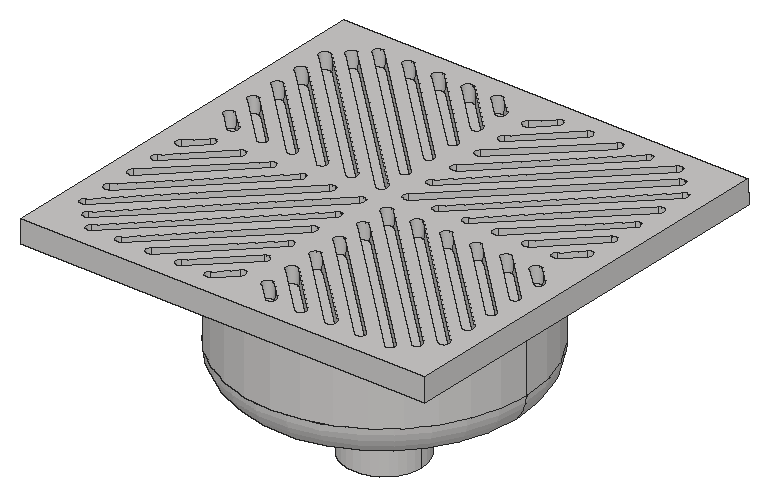
Revit family
Parameters (values of type "9630-S-2"")
  Width = 12"
  Waste Connection Radius = 1"
  Waste Connection Diameter = Waste Connection Radius * 2  # 2"
  Waste Connection = yes
  Vent Connection = no
  URL = "www.jrsmith.com"
  Price = "Prices may vary. Please consult Manufacturer Representative for most up-to-date price list."  # constant formula
  Phone Number = "416-250-5656"  # constant formula
  Omniclass Table 23 Title = "Waste Water Drains"  # constant formula
  Omniclass Table 23 Code = "23.70.50.21.24"  # constant formula
  Model = "9630-S-2\""
  Material = Metal-Jay R Smith-Stainless Steel
  Masterformat Title = "Sanitary Drains"  # constant formula
  Masterformat Number = "22 13 19.13"  # constant formula
  Manufacturer = "Jay R. Smith"
  Length = Width  # 12"
  Height = 6 3/4"
  HW Connection = no
  Description = "12\" Square top general purpose floor drain."
  Default Elevation = 0"
  Creation Date = "27/10/2014"  # constant formula
  Created By = "Allied Technical Services"  # constant formula
  CW Connection = no
  Assembly Code = "D2030300"
  ATS URL = "http://www.atsspec.net"
Types (10): name | Waste Connection Radius | Waste Connection Diameter | Model | Height
  (no name) | 1" | 2" | "9630-S-2\"" | 6 3/4"
  9630-S-2" | 1" | 2" | "9630-S-2\"" | 6 3/4"
  9630-S-3" | 1 1/2" | 3" | "9630-S-3\"" | 6 3/4"
  9630-S-4" | 2" | 4" | "9630-S-4\"" | 6 3/4"
  9631-S-2" | 1" | 2" | "9631-S-2\"" | 8 3/4"
  9631-S-3" | 1 1/2" | 3" | "9631-S-3\"" | 8 3/4"
  9631-S-4" | 2" | 4" | "9631-S-4\"" | 8 3/4"
  9632-S-2" | 1" | 2" | "9632-S-2\"" | 10 3/4"
  9632-S-3" | 1 1/2" | 3" | "9632-S-3\"" | 10 3/4"
  9632-S-4" | 2" | 4" | "9632-S-4\"" | 10 3/4"
Reference planes (in)
  plane 1 "Center (Front/Back)": y = 0
  plane 2: z = 0
  plane 3 "Center (Left/Right)": x = 0
  plane 4: x = -6
  plane 5: x = 6
  plane 6: z = 6.75
  plane 7: z = 2
  plane 8: x = -1
  plane 9: x = 1
  plane 10: z = 6.29324
  plane 11: z = 6.06577
  plane 12: y = 0
  plane 13: x = 0
Forms (in)
  Revolve 1, solid, material "Metal-Jay R Smith-Stainless Steel" <- "Material"
    sketch origin (0, 0, 0) x (1, 0, 0) y (0, 0, 1)
      loop
        line (-4.22646, 5.04867) -> (-4.22646, 3)
        arc (-4.22646, 3) -> (-3.93357, 2.29289) -> (-3.22646, 2) r 1
        line (-3.22646, 2) -> (-2.72646, 2) -> (-1.125, 1.74635) -> (-1.125, 0) -> (-1, 0) -> (-1, 6.06577) -> (-4.99909, 6.06577) -> (-4.99909, 5.55572)
        arc (-4.99909, 5.55572) -> (-4.95144, 5.44069) -> (-4.83641, 5.39304) r 0.16268
        line (-4.83641, 5.39304) -> (-4.57083, 5.39304)
        arc (-4.57083, 5.39304) -> (-4.32732, 5.29218) -> (-4.22646, 5.04867) r 0.34437
      axis (0, 0) -> (0, 6.06577)
    angle from 0 to 360
  Extrusion 2, solid, material "Metal-Jay R Smith-Stainless Steel" <- "Material"
    sketch origin (-43.90802, -54.52824, 1.75) x (1, 0, 0) y (0, 1, 0)
      loop
        line (37.90802, 60.52824) -> (37.90802, 48.52824) -> (49.90802, 48.52824) -> (49.90802, 60.52824) -> (37.90802, 60.52824)
    from 4.31577 to 4.54324
  Extrusion 3, solid, material "Metal-Jay R Smith-Stainless Steel" <- "Material"
    sketch origin (-57.75579, -51.6561, 0) x (1, 0, 0) y (0, 1, 0)
      loop
        line (51.75579, 57.6561) -> (51.75579, 45.6561) -> (63.75579, 45.6561) -> (63.75579, 57.6561) -> (51.75579, 57.6561)
      loop
        arc (52.82039, 51.95252) -> (53.04128, 51.95254) -> (53.04143, 52.17343) r 0.15625
        line (53.04143, 52.17343) -> (52.55434, 52.66051)
        arc (52.55434, 52.66051) -> (52.33344, 52.66031) -> (52.33351, 52.43941) r 0.15625
        line (52.33351, 52.43941) -> (52.82039, 51.95252)
      loop
        arc (53.70429, 51.9525) -> (53.92517, 51.95255) -> (53.9253, 52.17343) r 0.15625
        line (53.9253, 52.17343) -> (52.55432, 53.54442)
        arc (52.55432, 53.54442) -> (52.33343, 53.54418) -> (52.33351, 53.32329) r 0.15625
        line (52.33351, 53.32329) -> (53.70429, 51.9525)
      loop
        arc (54.58819, 51.95249) -> (54.80907, 51.95257) -> (54.80918, 52.17344) r 0.15625
        line (54.80918, 52.17344) -> (52.55433, 54.42829)
        arc (52.55433, 54.42829) -> (52.33338, 54.42802) -> (52.3336, 54.20708) r 0.15625
        line (52.3336, 54.20708) -> (54.58819, 51.95249)
      loop
        arc (55.47199, 51.95257) -> (55.69292, 51.95253) -> (55.69305, 52.17346) r 0.15625
        line (55.69305, 52.17346) -> (52.55434, 55.31217)
        arc (52.55434, 55.31217) -> (52.33338, 55.3119) -> (52.33361, 55.09095) r 0.15625
        line (52.33361, 55.09095) -> (55.47199, 51.95257)
      loop
        arc (56.35587, 51.95257) -> (56.57684, 51.95257) -> (56.57684, 52.17354) r 0.15625
        line (56.57684, 52.17354) -> (52.55434, 56.19604)
        arc (52.55434, 56.19604) -> (52.33344, 56.19584) -> (52.33351, 55.97494) r 0.15625
        line (52.33351, 55.97494) -> (56.35587, 51.95257)
      loop
        arc (57.23976, 51.95257) -> (57.46073, 51.95257) -> (57.46073, 52.17354) r 0.15625
        line (57.46073, 52.17354) -> (52.99654, 56.63773)
        arc (52.99654, 56.63773) -> (52.77545, 56.63785) -> (52.77557, 56.41676) r 0.15625
        line (52.77557, 56.41676) -> (57.23976, 51.95257)
      loop
        arc (57.23976, 52.83646) -> (57.46073, 52.83646) -> (57.46073, 53.05743) r 0.15625
        line (57.46073, 53.05743) -> (53.43836, 57.07979)
        arc (53.43836, 57.07979) -> (53.21732, 57.07973) -> (53.21752, 56.85869) r 0.15625
        line (53.21752, 56.85869) -> (57.23976, 52.83646)
      loop
        arc (57.23967, 53.72043) -> (57.46068, 53.7203) -> (57.46073, 53.94131) r 0.15625
        line (57.46073, 53.94131) -> (54.32214, 57.0799)
        arc (54.32214, 57.0799) -> (54.10115, 57.07967) -> (54.10142, 56.85868) r 0.15625
        line (54.10142, 56.85868) -> (57.23967, 53.72043)
      loop
        arc (57.23966, 54.60432) -> (57.46064, 54.60413) -> (57.46081, 54.82511) r 0.15625
        line (57.46081, 54.82511) -> (55.20603, 57.07989)
        arc (55.20603, 57.07989) -> (54.98504, 57.07967) -> (54.98531, 56.85868) r 0.15625
        line (54.98531, 56.85868) -> (57.23966, 54.60432)
      loop
        arc (57.23965, 55.48822) -> (57.46071, 55.48809) -> (57.46066, 55.70915) r 0.15625
        line (57.46066, 55.70915) -> (56.09001, 57.07979)
        arc (56.09001, 57.07979) -> (55.86896, 57.07972) -> (55.8692, 56.85867) r 0.15625
        line (55.8692, 56.85867) -> (57.23965, 55.48822)
      loop
        arc (57.23964, 56.37211) -> (57.46069, 56.37196) -> (57.46067, 56.59302) r 0.15625
        line (57.46067, 56.59302) -> (56.9739, 57.07979)
        arc (56.9739, 57.07979) -> (56.75286, 57.07973) -> (56.75306, 56.85869) r 0.15625
        line (56.75306, 56.85869) -> (57.23964, 56.37211)
      loop
        line (62.69118, 51.95252) -> (63.17806, 52.43941)
        arc (63.17806, 52.43941) -> (63.17813, 52.66031) -> (62.95723, 52.66051) r 0.15625
        line (62.95723, 52.66051) -> (62.47014, 52.17343)
        arc (62.47014, 52.17343) -> (62.47029, 51.95254) -> (62.69118, 51.95252) r 0.15625
      loop
        line (61.80728, 51.9525) -> (63.17806, 53.32329)
        arc (63.17806, 53.32329) -> (63.17814, 53.54418) -> (62.95725, 53.54442) r 0.15625
        line (62.95725, 53.54442) -> (61.58627, 52.17343)
        arc (61.58627, 52.17343) -> (61.5864, 51.95255) -> (61.80728, 51.9525) r 0.15625
      loop
        line (60.92338, 51.95249) -> (63.17797, 54.20708)
        arc (63.17797, 54.20708) -> (63.17819, 54.42802) -> (62.95724, 54.42829) r 0.15625
        line (62.95724, 54.42829) -> (60.70239, 52.17344)
        arc (60.70239, 52.17344) -> (60.7025, 51.95257) -> (60.92338, 51.95249) r 0.15625
      loop
        line (60.03958, 51.95257) -> (63.17796, 55.09095)
        arc (63.17796, 55.09095) -> (63.17819, 55.3119) -> (62.95723, 55.31217) r 0.15625
        line (62.95723, 55.31217) -> (59.81852, 52.17346)
        arc (59.81852, 52.17346) -> (59.81865, 51.95253) -> (60.03958, 51.95257) r 0.15625
      loop
        line (59.1557, 51.95257) -> (63.17806, 55.97494)
        arc (63.17806, 55.97494) -> (63.17813, 56.19584) -> (62.95723, 56.19604) r 0.15625
        line (62.95723, 56.19604) -> (58.93473, 52.17354)
        arc (58.93473, 52.17354) -> (58.93473, 51.95257) -> (59.1557, 51.95257) r 0.15625
      loop
        line (58.27181, 51.95257) -> (62.736, 56.41676)
        arc (62.736, 56.41676) -> (62.73612, 56.63785) -> (62.51503, 56.63773) r 0.15625
        line (62.51503, 56.63773) -> (58.05084, 52.17354)
        arc (58.05084, 52.17354) -> (58.05084, 51.95257) -> (58.27181, 51.95257) r 0.15625
      loop
        line (58.27181, 52.83646) -> (62.29405, 56.85869)
        arc (62.29405, 56.85869) -> (62.29425, 57.07973) -> (62.07321, 57.07979) r 0.15625
        line (62.07321, 57.07979) -> (58.05084, 53.05743)
        arc (58.05084, 53.05743) -> (58.05084, 52.83646) -> (58.27181, 52.83646) r 0.15625
      loop
        line (58.2719, 53.72043) -> (61.41016, 56.85868)
        arc (61.41016, 56.85868) -> (61.41042, 57.07967) -> (61.18943, 57.0799) r 0.15625
        line (61.18943, 57.0799) -> (58.05084, 53.94131)
        arc (58.05084, 53.94131) -> (58.05089, 53.7203) -> (58.2719, 53.72043) r 0.15625
      loop
        line (58.27191, 54.60432) -> (60.52626, 56.85868)
        arc (60.52626, 56.85868) -> (60.52654, 57.07967) -> (60.30554, 57.07989) r 0.15625
        line (60.30554, 57.07989) -> (58.05076, 54.82511)
        arc (58.05076, 54.82511) -> (58.05094, 54.60413) -> (58.27191, 54.60432) r 0.15625
      loop
        line (58.27192, 55.48822) -> (59.64237, 56.85867)
        arc (59.64237, 56.85867) -> (59.64261, 57.07972) -> (59.42156, 57.07979) r 0.15625
        line (59.42156, 57.07979) -> (58.05091, 55.70915)
        arc (58.05091, 55.70915) -> (58.05086, 55.48809) -> (58.27192, 55.48822) r 0.15625
      loop
        line (58.27193, 56.37211) -> (58.75851, 56.85869)
        arc (58.75851, 56.85869) -> (58.75871, 57.07973) -> (58.53768, 57.07979) r 0.15625
        line (58.53768, 57.07979) -> (58.0509, 56.59302)
        arc (58.0509, 56.59302) -> (58.05088, 56.37196) -> (58.27193, 56.37211) r 0.15625
      loop
        line (52.82039, 51.35968) -> (52.33351, 50.8728)
        arc (52.33351, 50.8728) -> (52.33344, 50.65189) -> (52.55434, 50.65169) r 0.15625
        line (52.55434, 50.65169) -> (53.04143, 51.13878)
        arc (53.04143, 51.13878) -> (53.04128, 51.35966) -> (52.82039, 51.35968) r 0.15625
      loop
        line (53.70429, 51.3597) -> (52.33351, 49.98891)
        arc (52.33351, 49.98891) -> (52.33343, 49.76802) -> (52.55432, 49.76779) r 0.15625
        line (52.55432, 49.76779) -> (53.9253, 51.13877)
        arc (53.9253, 51.13877) -> (53.92517, 51.35965) -> (53.70429, 51.3597) r 0.15625
      loop
        line (54.58819, 51.35972) -> (52.3336, 49.10513)
        arc (52.3336, 49.10513) -> (52.33338, 48.88418) -> (52.55433, 48.88391) r 0.15625
        line (52.55433, 48.88391) -> (54.80918, 51.13876)
        arc (54.80918, 51.13876) -> (54.80907, 51.35964) -> (54.58819, 51.35972) r 0.15625
      loop
        line (55.47199, 51.35963) -> (52.33361, 48.22125)
        arc (52.33361, 48.22125) -> (52.33338, 48.0003) -> (52.55434, 48.00004) r 0.15625
        line (52.55434, 48.00004) -> (55.69305, 51.13875)
        arc (55.69305, 51.13875) -> (55.69292, 51.35967) -> (55.47199, 51.35963) r 0.15625
      loop
        line (56.35587, 51.35963) -> (52.33351, 47.33726)
        arc (52.33351, 47.33726) -> (52.33344, 47.11636) -> (52.55434, 47.11616) r 0.15625
        line (52.55434, 47.11616) -> (56.57684, 51.13866)
        arc (56.57684, 51.13866) -> (56.57684, 51.35963) -> (56.35587, 51.35963) r 0.15625
      loop
        line (57.23976, 51.35963) -> (52.77557, 46.89545)
        arc (52.77557, 46.89545) -> (52.77545, 46.67435) -> (52.99654, 46.67448) r 0.15625
        line (52.99654, 46.67448) -> (57.46073, 51.13866)
        arc (57.46073, 51.13866) -> (57.46073, 51.35963) -> (57.23976, 51.35963) r 0.15625
      loop
        line (57.23976, 50.47575) -> (53.21752, 46.45351)
        arc (53.21752, 46.45351) -> (53.21732, 46.23248) -> (53.43836, 46.23241) r 0.15625
        line (53.43836, 46.23241) -> (57.46073, 50.25478)
        arc (57.46073, 50.25478) -> (57.46073, 50.47575) -> (57.23976, 50.47575) r 0.15625
      loop
        line (57.23967, 49.59178) -> (54.10142, 46.45352)
        arc (54.10142, 46.45352) -> (54.10115, 46.23253) -> (54.32214, 46.2323) r 0.15625
        line (54.32214, 46.2323) -> (57.46073, 49.37089)
        arc (57.46073, 49.37089) -> (57.46068, 49.59191) -> (57.23967, 49.59178) r 0.15625
      loop
        line (57.23966, 48.70788) -> (54.98531, 46.45353)
        arc (54.98531, 46.45353) -> (54.98504, 46.23253) -> (55.20603, 46.23231) r 0.15625
        line (55.20603, 46.23231) -> (57.46081, 48.48709)
        arc (57.46081, 48.48709) -> (57.46064, 48.70807) -> (57.23966, 48.70788) r 0.15625
      loop
        line (57.23965, 47.82399) -> (55.8692, 46.45354)
        arc (55.8692, 46.45354) -> (55.86896, 46.23249) -> (56.09001, 46.23241) r 0.15625
        line (56.09001, 46.23241) -> (57.46066, 47.60306)
        arc (57.46066, 47.60306) -> (57.46071, 47.82412) -> (57.23965, 47.82399) r 0.15625
      loop
        line (57.23964, 46.94009) -> (56.75306, 46.45352)
        arc (56.75306, 46.45352) -> (56.75286, 46.23248) -> (56.9739, 46.23241) r 0.15625
        line (56.9739, 46.23241) -> (57.46067, 46.71919)
        arc (57.46067, 46.71919) -> (57.46069, 46.94025) -> (57.23964, 46.94009) r 0.15625
      loop
        arc (62.69118, 51.35968) -> (62.47029, 51.35966) -> (62.47014, 51.13878) r 0.15625
        line (62.47014, 51.13878) -> (62.95723, 50.65169)
        arc (62.95723, 50.65169) -> (63.17813, 50.65189) -> (63.17806, 50.8728) r 0.15625
        line (63.17806, 50.8728) -> (62.69118, 51.35968)
      loop
        arc (61.80728, 51.3597) -> (61.5864, 51.35965) -> (61.58627, 51.13877) r 0.15625
        line (61.58627, 51.13877) -> (62.95725, 49.76779)
        arc (62.95725, 49.76779) -> (63.17814, 49.76802) -> (63.17806, 49.98891) r 0.15625
        line (63.17806, 49.98891) -> (61.80728, 51.3597)
      loop
        arc (60.92338, 51.35972) -> (60.7025, 51.35964) -> (60.70239, 51.13876) r 0.15625
        line (60.70239, 51.13876) -> (62.95724, 48.88391)
        arc (62.95724, 48.88391) -> (63.17819, 48.88418) -> (63.17797, 49.10513) r 0.15625
        line (63.17797, 49.10513) -> (60.92338, 51.35972)
      loop
        arc (60.03958, 51.35963) -> (59.81865, 51.35967) -> (59.81852, 51.13875) r 0.15625
        line (59.81852, 51.13875) -> (62.95723, 48.00004)
        arc (62.95723, 48.00004) -> (63.17819, 48.0003) -> (63.17796, 48.22125) r 0.15625
        line (63.17796, 48.22125) -> (60.03958, 51.35963)
      loop
        arc (59.1557, 51.35963) -> (58.93473, 51.35963) -> (58.93473, 51.13866) r 0.15625
        line (58.93473, 51.13866) -> (62.95723, 47.11616)
        arc (62.95723, 47.11616) -> (63.17813, 47.11636) -> (63.17806, 47.33726) r 0.15625
        line (63.17806, 47.33726) -> (59.1557, 51.35963)
      loop
        arc (58.27181, 51.35963) -> (58.05084, 51.35963) -> (58.05084, 51.13866) r 0.15625
        line (58.05084, 51.13866) -> (62.51503, 46.67448)
        arc (62.51503, 46.67448) -> (62.73612, 46.67435) -> (62.736, 46.89545) r 0.15625
        line (62.736, 46.89545) -> (58.27181, 51.35963)
      loop
        arc (58.27181, 50.47575) -> (58.05084, 50.47575) -> (58.05084, 50.25478) r 0.15625
        line (58.05084, 50.25478) -> (62.07321, 46.23241)
        arc (62.07321, 46.23241) -> (62.29425, 46.23248) -> (62.29405, 46.45351) r 0.15625
        line (62.29405, 46.45351) -> (58.27181, 50.47575)
      loop
        arc (58.2719, 49.59178) -> (58.05089, 49.59191) -> (58.05084, 49.37089) r 0.15625
        line (58.05084, 49.37089) -> (61.18943, 46.2323)
        arc (61.18943, 46.2323) -> (61.41042, 46.23253) -> (61.41016, 46.45352) r 0.15625
        line (61.41016, 46.45352) -> (58.2719, 49.59178)
      loop
        arc (58.27191, 48.70788) -> (58.05094, 48.70807) -> (58.05076, 48.48709) r 0.15625
        line (58.05076, 48.48709) -> (60.30554, 46.23231)
        arc (60.30554, 46.23231) -> (60.52654, 46.23253) -> (60.52626, 46.45353) r 0.15625
        line (60.52626, 46.45353) -> (58.27191, 48.70788)
      loop
        arc (58.27192, 47.82399) -> (58.05086, 47.82412) -> (58.05091, 47.60306) r 0.15625
        line (58.05091, 47.60306) -> (59.42156, 46.23241)
        arc (59.42156, 46.23241) -> (59.64261, 46.23249) -> (59.64237, 46.45354) r 0.15625
        line (59.64237, 46.45354) -> (58.27192, 47.82399)
      loop
        arc (58.27193, 46.94009) -> (58.05088, 46.94025) -> (58.0509, 46.71919) r 0.15625
        line (58.0509, 46.71919) -> (58.53768, 46.23241)
        arc (58.53768, 46.23241) -> (58.75871, 46.23248) -> (58.75851, 46.45352) r 0.15625
        line (58.75851, 46.45352) -> (58.27193, 46.94009)
    from 6.29324 to 6.75
Cuts and joins
  joined: Extrusion 2, Extrusion 3
Dimensions and locks (in)
  "Height": plane 6 to plane 2
  "Waste Connection Diameter": plane 9 to plane 8
  "Width": plane 5 to plane 4
  plane 7 to level = 2"
  equal spacing: plane 9, plane 3 "Center (Left/Right)", plane 8
  equal spacing: plane 5, plane 3 "Center (Left/Right)", plane 4
  locked: plane 8 to Revolve 1 sketch curve at 0.125
  locked: Revolve 1 sketch curve to plane 4 at 1.00091
  locked: Revolve 1 sketch curve to plane 4 at 1.77354
  locked: plane 6 to plane 10 at 0.45676
  locked: plane 10 to plane 11 at 0.22747
  plane 6 to plane 7 = 4 3/4"
  aligned and locked: plane 8 to Revolve 1 sketch curve
  aligned and locked: Revolve 1 sketch curve to plane 7
  aligned and locked: plane 10 to Extrusion 2
  aligned and locked: Extrusion 2 to Revolve 1
  aligned and locked: Extrusion 3 to plane 10
  aligned and locked: plane 6 to Extrusion 3
  aligned and locked: cut or joined group of Extrusion 2, Extrusion 3 to plane 11
Automatic sketch dimensions
  Extrusion 2 sketch curve to plane 4 = 0"
  Extrusion 2 sketch curve to plane 5 = 0"
  plane 1 "Center (Front/Back)" to Extrusion 2 sketch curve = 6"
  Extrusion 2 sketch curve to plane 1 "Center (Front/Back)" = 6"
  Extrusion 3 sketch curve to plane 13 = 6"
  Extrusion 3 sketch curve to Extrusion 3 sketch curve = 0.57772"  (x2)
  plane 12 to Extrusion 3 sketch curve = 1.66719"  (x2)
  Extrusion 3 sketch curve to Extrusion 3 sketch curve = 0"  (x30)
  Extrusion 3 sketch curve to Extrusion 3 sketch curve = 0.0001"  (x2)
  Extrusion 3 sketch curve to plane 12 = 2.55098"  (x2)
  Extrusion 3 sketch curve to Extrusion 3 sketch curve = 0.11049"  (x73)
  Extrusion 3 sketch curve to Extrusion 3 sketch curve = 0.11039"  (x11)
  Extrusion 3 sketch curve to Extrusion 3 sketch curve = 0.11038"  (x10)
  Extrusion 3 sketch curve to Extrusion 3 sketch curve = 0.11033"  (x8)
  Extrusion 3 sketch curve to Extrusion 3 sketch curve = 0.11034"  (x16)
  plane 12 to Extrusion 3 sketch curve = 2.77219"
  Extrusion 3 sketch curve to Extrusion 3 sketch curve = 0.11035"  (x16)
  plane 12 to Extrusion 3 sketch curve = 4.53994"
  Extrusion 3 sketch curve to plane 12 = 4.53994"
  Extrusion 3 sketch curve to Extrusion 3 sketch curve = 0.22123"  (x4)
  Extrusion 3 sketch curve to plane 12 = 0.29642"  (x2)
  Extrusion 3 sketch curve to Extrusion 3 sketch curve = 0.48689"  (x2)
  plane 12 to Extrusion 3 sketch curve = 0.29642"  (x2)
  Extrusion 3 sketch curve to Extrusion 3 sketch curve = 0.11036"  (x4)
  Extrusion 3 sketch curve to Extrusion 3 sketch curve = 0.11043"  (x8)
  Extrusion 3 sketch curve to Extrusion 3 sketch curve = 0.11061"  (x8)
  Extrusion 3 sketch curve to Extrusion 3 sketch curve = 0.1106"  (x16)
  Extrusion 3 sketch curve to Extrusion 3 sketch curve = 0.22098"  (x4)
  Extrusion 3 sketch curve to plane 12 = 0.2964"  (x2)
  Extrusion 3 sketch curve to Extrusion 3 sketch curve = 0.66286"  (x3)
  Extrusion 3 sketch curve to Extrusion 3 sketch curve = 0.11041"  (x8)
  Extrusion 3 sketch curve to Extrusion 3 sketch curve = 0.66305"  (x8)
  plane 12 to Extrusion 3 sketch curve = 0.29639"  (x2)
  Extrusion 3 sketch curve to Extrusion 3 sketch curve = 0.66289"  (x3)
  Extrusion 3 sketch curve to Extrusion 3 sketch curve = 0.1104"  (x9)
  Extrusion 3 sketch curve to Extrusion 3 sketch curve = 0.11059"  (x10)
  Extrusion 3 sketch curve to plane 12 = 0.51734"  (x2)
  Extrusion 3 sketch curve to Extrusion 3 sketch curve = 0.66317"  (x4)
  plane 12 to Extrusion 3 sketch curve = 0.29647"  (x6)
  Extrusion 3 sketch curve to Extrusion 3 sketch curve = 0.66281"  (x3)
  Extrusion 3 sketch curve to plane 12 = 0.29647"  (x2)
  Extrusion 3 sketch curve to plane 12 = 0.51735"  (x2)
  Extrusion 3 sketch curve to Extrusion 3 sketch curve = 0.11057"  (x13)
  plane 12 to Extrusion 3 sketch curve = 0.51735"
  Extrusion 3 sketch curve to Extrusion 3 sketch curve = 0.66316"  (x4)
  Extrusion 3 sketch curve to Extrusion 3 sketch curve = 0.66282"  (x3)
  plane 12 to Extrusion 3 sketch curve = 0.51744"
  Extrusion 3 sketch curve to plane 13 = 0.51615"  (x2)
  Extrusion 3 sketch curve to plane 13 = 0.51614"  (x2)
  Extrusion 3 sketch curve to plane 13 = 0.51613"  (x2)
  Extrusion 3 sketch curve to plane 13 = 0.51612"  (x2)
  Extrusion 3 sketch curve to plane 13 = 0.51603"  (x4)
  plane 13 to Extrusion 3 sketch curve = 0.29497"  (x2)
  plane 13 to Extrusion 3 sketch curve = 0.29506"  (x6)
  plane 13 to Extrusion 3 sketch curve = 0.29511"  (x2)
  plane 13 to Extrusion 3 sketch curve = 0.29513"  (x2)
  Extrusion 3 sketch curve to Extrusion 3 sketch curve = 0.48678"  (x2)
  Extrusion 3 sketch curve to plane 12 = 0.51744"  (x3)
  Extrusion 3 sketch curve to Extrusion 3 sketch curve = 0.66291"  (x4)
  plane 12 to Extrusion 3 sketch curve = 0.51734"
  Extrusion 3 sketch curve to plane 12 = 0.29639"
  plane 12 to Extrusion 3 sketch curve = 0.51733"
  Extrusion 3 sketch curve to plane 12 = 1.00441"
  Extrusion 3 sketch curve to Extrusion 3 sketch curve = 0.48709"  (x2)
  plane 12 to Extrusion 3 sketch curve = 1.00441"
  plane 12 to Extrusion 3 sketch curve = 2.55098"
  Extrusion 3 sketch curve to Extrusion 3 sketch curve = 1.13015"
  Extrusion 3 sketch curve to Extrusion 3 sketch curve = 1.98897"
  Extrusion 3 sketch curve to Extrusion 3 sketch curve = 4.19857"
  Extrusion 3 sketch curve to Extrusion 3 sketch curve = 0.22071"  (x4)
  Extrusion 3 sketch curve to Extrusion 3 sketch curve = 0.11037"  (x4)
  Extrusion 3 sketch curve to Extrusion 3 sketch curve = 0.48656"  (x4)
  Extrusion 3 sketch curve to Extrusion 3 sketch curve = 0.48658"  (x4)
  Extrusion 3 sketch curve to Extrusion 3 sketch curve = 0.22096"  (x4)
  Extrusion 3 sketch curve to Extrusion 3 sketch curve = 0.11063"  (x10)
  Extrusion 3 sketch curve to Extrusion 3 sketch curve = 0.11064"  (x6)
  Extrusion 3 sketch curve to Extrusion 3 sketch curve = 0.11062"  (x12)
  Extrusion 3 sketch curve to Extrusion 3 sketch curve = 1.12873"  (x2)
  Extrusion 3 sketch curve to Extrusion 3 sketch curve = 0.66296"  (x3)
  Extrusion 3 sketch curve to Extrusion 3 sketch curve = 0.11056"  (x3)
  Extrusion 3 sketch curve to Extrusion 3 sketch curve = 0.66277"  (x3)
  Extrusion 3 sketch curve to Extrusion 3 sketch curve = 0.66311"  (x3)
  Extrusion 3 sketch curve to Extrusion 3 sketch curve = 0.22122"  (x3)
  Extrusion 3 sketch curve to Extrusion 3 sketch curve = 0.66301"  (x3)
  Extrusion 3 sketch curve to Extrusion 3 sketch curve = 0.66266"  (x4)
  Extrusion 3 sketch curve to Extrusion 3 sketch curve = 0.663"  (x3)
  Extrusion 3 sketch curve to Extrusion 3 sketch curve = 0.66278"
  Extrusion 3 sketch curve to Extrusion 3 sketch curve = 0.22097"
  Extrusion 3 sketch curve to Extrusion 3 sketch curve = 0.22093"  (x2)
  Extrusion 3 sketch curve to Extrusion 3 sketch curve = 0.2209"  (x2)
  plane 12 to Extrusion 3 sketch curve = 0.2964"  (x2)
  Extrusion 3 sketch curve to Extrusion 3 sketch curve = 0.11054"  (x2)
  Extrusion 3 sketch curve to Extrusion 3 sketch curve = 0.22111"
  Extrusion 3 sketch curve to Extrusion 3 sketch curve = 0.11058"
  Extrusion 3 sketch curve to Extrusion 3 sketch curve = 0.2211"
  Revolve 1 sketch curve to plane 3 "Center (Left/Right)" = 0"
  Revolve 1 sketch curve to level = 0"
  Revolve 1 sketch curve to plane 11 = 0"
  Revolve 1 sketch curve to Revolve 1 sketch curve = 0.16268"
  Revolve 1 sketch curve to Revolve 1 sketch curve = 0.26558"
  Revolve 1 sketch curve to Revolve 1 sketch curve = 1"
  Revolve 1 sketch curve to Revolve 1 sketch curve = 1/2"
  Revolve 1 sketch curve to level = 1 3/4"
  Revolve 1 sketch curve to Revolve 1 sketch curve = 3/4"
  Revolve 1 sketch curve to plane 7 = 0.25365"
  Revolve 1 sketch curve to plane 11 = 1.0171"
Connectors (in)
  piping at (0, 0, 0), driven by "Waste Connection Radius"
    settings: on Revolve 1, index 1
